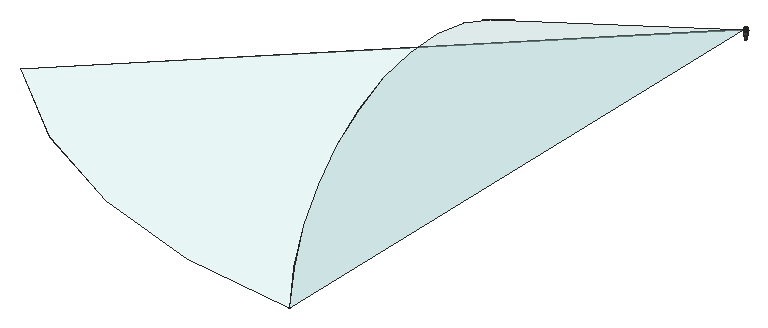
Revit family "Rotor 2045 Series - 2045ASAMNP", category Acessórios do tubo, Revit 2020
Family settings
  Cota do conector redondo = Utilizar diâmetro
  Tipo de parte = Normal
  Número OmniClass = 23.60.30.11.14
  Título OmniClass = Pipework Fittings
  Com base no plano de trabalho = Não
  Sempre na vertical = Sim
  Corte com vazios quando carregada = Não
  Compartilhado = Não
Parameters (values of type "Nozzle 10")
  Water = Water
  URL = "https://www.rainbird.com/"
  TABLE 60 = "TABLE 60 psi"
  TABLE 55 = "TABLE 55psi"
  TABLE 45 = "TABLE 45psi"
  TABLE 35 = "TABLE 35psi"
  TABLE 25 = "TABLE 25psi"
  SupportProjetos: Reviw Date = ""  # constant formula
  SupportProjetos: Reviw = "R00"  # constant formula
  SupportProjetos: Level of Detail = "LOD 300"  # constant formula
  SupportProjetos: Developed = "MICHEL SOARES MOTA"  # constant formula
  SupportProjetos: Creation Date = "14/08/2020"  # constant formula
  Side inlet = no
  Rotation Water Visibility [instance] = Pop up on  # yes
  Rotation Angle [instance] = 45.00°
  RainBird: Product Link = "https://www.rainbird.com/"
  RainBird: Description = "2045ASAMNP Rotor "  # constant formula
  RainBird: Comment [instance] = ""
  RainBird: Code = "B0615008NP"  # constant formula
  Radius [instance] = if(and(Pressure = 25.0 psi, Instance > 1 ft), size_lookup(TABLE 25, "Radius", 0 ft, Instance), if(and(Pressure = 35.0 psi, Instance > 0 ft), size_lookup(TABLE 35, "Radius", 0 ft, Instance), if(and(Pressure = 45.0 psi, Instance > 0 ft), size_lookup(TABLE 45, "Radius", 0 ft, Instance), if(and(Pressure = 55.0 psi, Instance > 0 ft), size_lookup(TABLE 55, "Radius", 0 ft, Instance), if(and(Pressure = 60.0 psi, Instance > 0 ft), size_lookup(TABLE 60, "Radius", 0 ft, Instance), 600 ft)))))  # 41 ft
  RT = 0.009893 ft
  RN = 0.041667 ft
  R5 = 0.03937 ft
  R4 = 0.049213 ft
  R3 = 0.065617 ft
  R2 = 0.107455 ft
  R1 = 0.032808 ft
  Pressure [instance] = 35.0 psi
  Pop up height = 0.164042 ft
  Pop up on [instance] = yes
  Modelo = "2045ASAMNP"  # constant formula
  Instance = 6 ft
  H1 = Body height / 3  # 0.194663 ft
  Flow [instance] = if(and(Pressure = 25.0 psi, Instance > 1 ft), size_lookup(TABLE 25, "Flow", 0.0 GPM, Instance), if(and(Pressure = 35.0 psi, Instance > 0 ft), size_lookup(TABLE 35, "Flow", 0.0 GPM, Instance), if(and(Pressure = 45.0 psi, Instance > 0 ft), size_lookup(TABLE 45, "Flow", 0.0 GPM, Instance), if(and(Pressure = 55.0 psi, Instance > 0 ft), size_lookup(TABLE 55, "Flow", 0.0 GPM, Instance), if(and(Pressure = 60.0 psi, Instance > 0 ft), size_lookup(TABLE 60, "Flow", 0.0 GPM, Instance), 0.0 GPM)))))  # 4.8 GPM
  Fabricante = "Rain Bird"
  Elevação padrão = 0 ft
  Description = RainBird: Description  # "2045ASAMNP Rotor "
  DD13 = 0.002625 ft
  DD12 = 0.003937 ft
  DD11 = 0.009897 ft
  DD10 = 0.016404 ft
  DD8 [instance] = if(Pop up on, Pop up height, 0 ft)  # 0.164042 ft
  DD7 = 0.019685 ft
  DD6 [instance] = 0.016404 ft
  DD5 = 0.065617 ft
  DD4 = 0.082021 ft
  DD3 = 0.295276 ft
  DD2 [instance] = 0.024514 ft
  DD9 [instance] = if(Pop up on, Pop up height + 0.049541 ft, 0.026247 ft)  # 0.213583 ft
  DD1 = 0.006562 ft
  DD = 0.114829 ft
  Conection = 0.062664 ft  # constant formula
  Body height = 0.58399 ft
  Blue = Blue Plastic
  Black Plastic = Black Plastic
  Angle = 25.00°
Types (8, lengths in ft): name | Rotation Angle | Radius | Pressure | Instance | Flow
  (no name) | 45.00° | 41 | 35.0 psi | 6 | 4.8 GPM
  Nozzle 06 | 360.00° | 37 | 35.0 psi | 1 | 2.0 GPM
  Nozzle 07 LA | 45.00° | 23 | 35.0 psi | 2 | 1.9 GPM
  Nozzle 07 | 45.00° | 39 | 45.0 psi | 3 | 3.0 GPM
  Nozzle 08 | 45.00° | 38 | 35.0 psi | 4 | 3.3 GPM
  Nozzle 10 LA | 45.00° | 29 | 35.0 psi | 5 | 4.0 GPM
  Nozzle 10 | 45.00° | 41 | 35.0 psi | 6 | 4.8 GPM
  Nozzle 12 | 45.00° | 42 | 35.0 psi | 7 | 6.3 GPM
Reference planes (ft)
  plane 1 "Centro (Frente/Trás)": y = 0
  plane 2: z = 0
  plane 3 "Centro (Esquerda/Direita)": x = 0
  plane 4: z = 0.003937
  plane 5: z = 0.002625
  plane 6: y = -0.065617
Forms (ft)
  Revolve 1, solid, material "Black Plastic" <- "Black Plastic"
    sketch origin (0, 0, 0) x (1, 0, 0) y (0, 0, 1)
      loop
        line (0.107455, -0.289018) -> (0.107455, -0.018846) -> (0.136328, -0.018846)
        arc (0.136328, -0.018846) -> (0.133415, -0.005812) -> (0.121391, 0) r 0.015342
        line (0.121391, 0) -> (0.022966, 0) -> (0.022966, 0.164042) -> (0.110538, 0.164042) -> (0.110538, 0.170878)
        arc (0.110538, 0.170878) -> (0.108361, 0.176135) -> (0.103103, 0.178312) r 0.007435
        line (0.103103, 0.178312) -> (0.006562, 0.178312) -> (0.006562, -0.044055) -> (0.03937, -0.044055) -> (0.03937, -0.334646) -> (0.019685, -0.334646) -> (0.019685, -0.551181) -> (0.041667, -0.551181) -> (0.041667, -0.58399) -> (0.049213, -0.58399) -> (0.049213, -0.551181) -> (0.065319, -0.551181)
        arc (0.065319, -0.551181) -> (0.072314, -0.548284) -> (0.075211, -0.541288) r 0.009893
        line (0.075211, -0.541288) -> (0.075211, -0.295276) -> (0.101198, -0.295276)
        arc (0.101198, -0.295276) -> (0.105623, -0.293443) -> (0.107455, -0.289018) r 0.006257
      axis (0, -0.58399) -> (0, 0.178312)
    angle from 0 to 360
  Extrusion 2, solid, material "Water" <- "Water", visible <- "Rotation Water Visibility"
    sketch origin (0, 0, 0) x (0, 1, 0) y (0, 0, 1)
      loop
        line (-0.082021, 0.117454) -> (-22.964454, 10.787708)
        arc (-22.964454, 10.787708) -> (-34.829931, 10.218209) -> (-41.082021, 0.117454) r 12.757305
        line (-41.082021, 0.117454) -> (-0.082021, 0.117454)
    from -0.008202 to 0.008202
  Extrusion 3, solid, material "Black Plastic" <- "Black Plastic", visible <- "Pop up on"
    sketch origin (-0.00137, -0.002795, -0.035698) x (-0.00469, 0.999989, 0) y (0, 0, 1)
      loop
        line (-0.040994, 0.156611) -> (-0.048436, 0.14065)
        arc (-0.048436, 0.14065) -> (-0.072997, 0.145588) -> (-0.053427, 0.129948) r 0.012889
        line (-0.053427, 0.129948) -> (-0.053427, 0.094988)
        arc (-0.053427, 0.094988) -> (-0.052568, 0.092915) -> (-0.050495, 0.092056) r 0.002932
        line (-0.050495, 0.092056) -> (-0.041469, 0.092056) -> (-0.041469, 0.095737) -> (-0.019952, 0.081224) -> (0.037968, 0.081224) -> (0.040501, 0.065363) -> (0.040501, 0.035698) -> (0.04524, 0.035698) -> (0.050298, 0.081224) -> (0.050298, 0.100559) -> (0.072978, 0.106863)
        arc (0.072978, 0.106863) -> (0.078924, 0.117387) -> (0.068401, 0.123333) r 0.008547
        line (0.068401, 0.123333) -> (0.050298, 0.110657) -> (0.050298, 0.150049)
        arc (0.050298, 0.150049) -> (0.048376, 0.154689) -> (0.043737, 0.156611) r 0.006562
        line (0.043737, 0.156611) -> (-0.040994, 0.156611)
      loop
        line (-0.034211, 0.143466) -> (-0.034211, 0.125376) -> (-0.014598, 0.11623) -> (0.01821, 0.11623) -> (0.040501, 0.108117) -> (0.040501, 0.143466) -> (-0.034211, 0.143466)
      loop
        line (-0.034211, 0.107286) -> (-0.014889, 0.094253) -> (0.040501, 0.094253) -> (0.040501, 0.104202) -> (0.016551, 0.106863) -> (-0.016257, 0.106863) -> (-0.034211, 0.118973) -> (-0.034211, 0.107286)
    from -0.012219 to 0.012755
Dimensions and locks (ft)
  "Body height": level to Revolve 1 sketch curve
  "R2": Revolve 1 sketch curve to plane 3 "Centro (Esquerda/Direita)"
  "DD3": level to Revolve 1 sketch curve
  Revolve 1 sketch curve to plane 3 "Centro (Esquerda/Direita)" = 0.075211 ft
  "R4": Revolve 1 sketch curve to plane 3 "Centro (Esquerda/Direita)"
  "RN": Revolve 1 sketch curve to plane 3 "Centro (Esquerda/Direita)"
  "DD7": Revolve 1 sketch curve to plane 3 "Centro (Esquerda/Direita)"
  "DD12": plane 4 to level
  "DD13": plane 5 to level
  "R3": plane 6 to plane 1 "Centro (Frente/Trás)"
  "DD4": plane 1 "Centro (Frente/Trás)" to Extrusion 2 sketch curve
  "Radius": Extrusion 2 sketch curve to Extrusion 2 sketch curve
  equal spacing: Extrusion 2, plane 3 "Centro (Esquerda/Direita)", Extrusion 2
  "DD6": Extrusion 2 to Extrusion 2
  "DD8": Revolve 1 sketch curve to Revolve 1 sketch curve
  "DD": Extrusion 2 sketch curve to plane 5
  "RT": radius of Revolve 1 sketch curve
  "Angle": angle Extrusion 2 sketch curve to Extrusion 2 sketch curve
  aligned and locked: level to plane 2
  aligned and locked: Revolve 1 sketch curve to Revolve 1 sketch curve
Automatic sketch dimensions
  level to Extrusion 3 sketch curve = 0 ft
  plane 4 to Extrusion 3 sketch curve = 0.100506 ft
  Extrusion 3 sketch curve to Extrusion 3 sketch curve = 0.007889 ft
  Extrusion 3 sketch curve to Extrusion 3 sketch curve = 0.002932 ft
  plane 4 to Extrusion 3 sketch curve = 0.101015 ft
  Extrusion 3 sketch curve to Extrusion 3 sketch curve = 0.00499 ft
  Extrusion 3 sketch curve to Extrusion 3 sketch curve = 0.009026 ft
  plane 4 to Extrusion 3 sketch curve = 0.116976 ft
  Extrusion 3 sketch curve to Extrusion 3 sketch curve = 0.007443 ft
  Extrusion 3 sketch curve to Extrusion 3 sketch curve = 0.019216 ft
  Extrusion 3 sketch curve to Extrusion 3 sketch curve = 0.014225 ft
  Extrusion 3 sketch curve to Extrusion 3 sketch curve = 0.021517 ft
  Extrusion 3 sketch curve to Extrusion 3 sketch curve = 0.017953 ft
  plane 4 to Extrusion 3 sketch curve = 0.054618 ft
  Extrusion 3 sketch curve to Extrusion 3 sketch curve = 0.001369 ft
  Extrusion 3 sketch curve to Extrusion 3 sketch curve = 0.001659 ft  (x2)
  plane 4 to Extrusion 3 sketch curve = 0.067228 ft  (x2)
  Extrusion 3 sketch curve to Extrusion 3 sketch curve = 0.031149 ft
  plane 4 to Extrusion 3 sketch curve = 0.041589 ft  (x2)
  Extrusion 3 sketch curve to Extrusion 3 sketch curve = 0.021417 ft
  plane 4 to Extrusion 3 sketch curve = 0.064567 ft
  Extrusion 3 sketch curve to Extrusion 3 sketch curve = 0.002534 ft  (x2)
  Extrusion 3 sketch curve to Extrusion 3 sketch curve = 0 ft  (x2)
  Extrusion 3 sketch curve to Extrusion 3 sketch curve = 0.003235 ft
  Extrusion 3 sketch curve to Extrusion 3 sketch curve = 0.004739 ft
  Extrusion 3 sketch curve to Extrusion 3 sketch curve = 0.012331 ft
  plane 4 to Extrusion 3 sketch curve = 0.083698 ft
  Extrusion 3 sketch curve to Extrusion 3 sketch curve = 0.018102 ft
  Extrusion 3 sketch curve to Extrusion 3 sketch curve = 0.002289 ft  (x2)
  Extrusion 3 sketch curve to Extrusion 3 sketch curve = 0.015861 ft
  Extrusion 3 sketch curve to Extrusion 3 sketch curve = 0.010832 ft
  Extrusion 3 sketch curve to Extrusion 3 sketch curve = 0.003682 ft
  Extrusion 3 sketch curve to Extrusion 3 sketch curve = 0.003643 ft
  Extrusion 3 sketch curve to Extrusion 3 sketch curve = 0.011549 ft
  Extrusion 3 sketch curve to Extrusion 3 sketch curve = 0.003915 ft
  Extrusion 3 sketch curve to Extrusion 3 sketch curve = 0.010098 ft
  Extrusion 3 sketch curve to Extrusion 3 sketch curve = 0.009367 ft
  Extrusion 3 sketch curve to Extrusion 3 sketch curve = 0.011687 ft
  Extrusion 3 sketch curve to Extrusion 3 sketch curve = 0.006403 ft
  Extrusion 3 sketch curve to Extrusion 3 sketch curve = 0.002816 ft
  Revolve 1 sketch curve to plane 3 "Centro (Esquerda/Direita)" = 0 ft
  Revolve 1 sketch curve to level = 0 ft
  plane 3 "Centro (Esquerda/Direita)" to Revolve 1 sketch curve = 0.006562 ft
  Revolve 1 sketch curve to Revolve 1 sketch curve = 0.016404 ft
  Revolve 1 sketch curve to Revolve 1 sketch curve = 0.032808 ft  (x2)
  Revolve 1 sketch curve to Revolve 1 sketch curve = 0.006257 ft
  Revolve 1 sketch curve to Revolve 1 sketch curve = 0.080138 ft
  Revolve 1 sketch curve to Revolve 1 sketch curve = 0.007435 ft
  Revolve 1 sketch curve to Revolve 1 sketch curve = 0.013936 ft
  Revolve 1 sketch curve to Revolve 1 sketch curve = 0.014937 ft
  Revolve 1 sketch curve to Revolve 1 sketch curve = 0.03937 ft
  Revolve 1 sketch curve to level = 0.044055 ft
  Revolve 1 sketch curve to level = 0.018846 ft
  Revolve 1 sketch curve to Revolve 1 sketch curve = 0.006836 ft
  Revolve 1 sketch curve to Revolve 1 sketch curve = 0.043762 ft
  Revolve 1 sketch curve to Revolve 1 sketch curve = 0.860602 ft
  Extrusion 2 sketch curve to level = 0.774337 ft
Nested families (ft)
  nested 1: "Water" at (0.00015, 0, -0.005978) x (0, -1, 0) z (0, 0, 1), DT9 <- "DD4", Radius <- "Radius", visible <- "Rotation Water Visibility", Rotation Angle <- "Rotation Angle", type "Water"
    with Rotation Angle 45.00°, Radius 41 ft, DT9 0.082021 ft, DT8 0 ft, DT7 164 ft, DT4 205 ft, Angle 2 315.00°
Connectors (ft)
  piping at (0, 0, -0.58399), diameter 2
    settings: on Revolve 1, index 1, connector inside diameter 609.6 mm, connector length 0 ft, flow factor 0, pipe flow 0.0 GPM, pressure drop 0.0 psi, fitting loss kfactor 0, connector angle 0.00°, fixture units 0, engagement length 0 ft, angle of deflection 0.00°, flow configuration 0, flow direction 0, fitting loss method 0, system type 28, joint type 0, gender type 0, connector reference index -1, connector utility 0, adjustable connector no, is connector primary yes, connector description ""
Definition of nested family "Water"
  Parameters (values of type "Water")
    Water Visibility (Circle) = yes
    Water = none
    URL = ""
    SupportProjetos: Reviw Date = ""  # constant formula
    SupportProjetos: Level of Detail = "LOD 300"  # constant formula
    SupportProjetos: Developed = "MICHEL SOARES MOTA"  # constant formula
    SupportProjetos: Creation Date = "16/07/2020"  # constant formula
    Rotation Angle [instance] = 90.00°
    Reviw = "R00"  # constant formula
    Radius [instance] = 14 ft
    Model = ""
    Default Elevation = 4 ft
    Description = ""
    DT9 [instance] = 0.032808 ft
    DT8 [instance] = if(Rotation Angle = 360.00°, 10 ft, 0 ft)  # 0 ft
    DT7 [instance] = 4 * Radius  # 56 ft
    DT4 [instance] = 5 * Radius  # 70 ft
    DT2 = 0.098425 ft  # constant formula
    DT6 = 0 ft
    Angle 2 [instance] = if(Rotation Angle = 360.00°, 180.00°, 360.00° - Rotation Angle)  # 270.00°
  Reference planes (ft)
    plane 1 "Centro (Frente/Trás)": y = 0
    plane 2: z = 0
    plane 3 "Centro (Esquerda/Direita)": x = 0
  Forms (ft)
    Revolve 1, solid, material <- "Water", visible <- "Water Visibility (Circle)"
      sketch origin (0, 0, 0) x (1, 0, 0) y (0, 0, 1)
        loop
          line (0.032808, 0.098425) -> (14.032808, 0.098425) -> (14.032808, 0.119259) -> (0.032808, 0.119259) -> (0.032808, 0.098425)
        axis (0, 0.098425) -> (0, 0.119259)
      angle from 0 to 360
    Extrusion 2, void
      sketch origin (0, 0, 0) x (1, 0, 0) y (0, 1, 0)
        loop
          line (0, 0) -> (70, 0) -> (70, 56)
          arc (70, 56) -> (-70.459018, 51.588344) -> (0, -70) r 81.847109
          line (0, -70) -> (0, 0)
      from 0 to 15.189231
  Cuts and joins
    Extrusion 2 cuts Revolve 1
  Dimensions and locks (ft)
    "DT2": Revolve 1 sketch curve to level
    "DT4": Extrusion 2 sketch curve to Extrusion 2 sketch curve  (x2)
    "DT6": Extrusion 2 sketch curve to plane 3 "Centro (Esquerda/Direita)"
    "DT7": Extrusion 2 sketch curve to Extrusion 2 sketch curve
    "DT8": cut or joined group of Revolve 1, Extrusion 2 to level
    "Radius": Revolve 1 sketch curve to Revolve 1 sketch curve
    "DT9": Revolve 1 sketch curve to plane 3 "Centro (Esquerda/Direita)"
    "Angle 2": angle Extrusion 2 sketch curve to Extrusion 2 sketch curve
    aligned and locked: level to plane 2
    aligned and locked: plane 1 "Centro (Frente/Trás)" to Extrusion 2 sketch curve
  Automatic sketch dimensions
    plane 3 "Centro (Esquerda/Direita)" to Extrusion 2 sketch curve = 1.088227 ft
    Revolve 1 sketch curve to plane 3 "Centro (Esquerda/Direita)" = 0 ft
    Revolve 1 sketch curve to Revolve 1 sketch curve = 0.020833 ft
    Revolve 1 sketch curve to Revolve 1 sketch curve = 0.032113 ft
    Revolve 1 sketch curve to Revolve 1 sketch curve = 10.2693 ft
